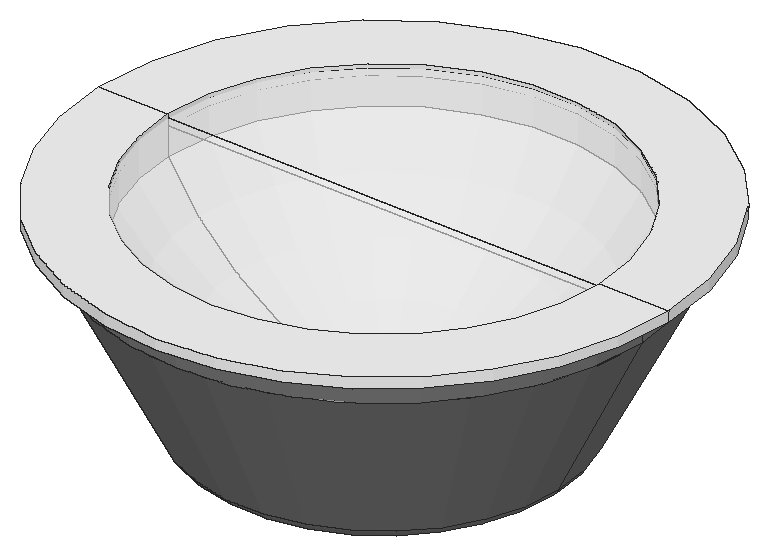
Revit family "0030301", category Lighting Fixtures, host Face, Revit 2016
Family settings
  Host = Face
  Part Type = Normal
  Round Connector Dimension = Use Diameter
  OmniClass Number = 23.80.70.00
  OmniClass Title = Lighting
  Cut with Voids When Loaded = No
  Light Source = Yes
  Shared = No
  Room Calculation Point = No
Parameters (values of type "0030301 Insaver Slim UGR19 IP44 150 1075lm 840")
  WidthBezel_SYL = if(Size1_SYL, 20 mm, if(Size2_SYL, 20 mm, if(Size3PIR_SYL, 30 mm, if(Size4_SYL, 20 mm, 20 mm))))  # 20 mm
  Weight = "5.52 kg"
  Wattage Comments = ""
  Wattage = 9 W
  WarrantyStartDate [instance] = "n/a"
  WarrantyGuarantorParts = "n/a"
  WarrantyDurationUnit = "n/a"
  WarrantyDurationParts = "n/a"
  WarrantyDescription = "n/a"
  built-in parameter 1150110 = 1 (stored number, unit not read)
  Voltage = 230 V
  VisibilityPIR_SYL = Size3PIR_SYL  # no
  URL = "http://www.sylvania-lighting.com"
  TypeName = "Insaver Slim UGR19 IP44 150 1075lm 840"
  Type Image = <None>
  Type Comments = "n/a"
  built-in parameter 1114217 = 1 (stored number, unit not read)
  Tilt Angle = -90.00°
  built-in parameter 1150109 = 1 (stored number, unit not read)
  built-in parameter 1150134 = 12
  built-in parameter 1150113 = 1 (stored number, unit not read)
  Size4_SYL = no
  Size3PIR_SYL = no
  Size2_SYL = no
  Size1_SYL = yes
  SerialNumber [instance] = "n/a"
  RadiusTop_SYL = 6 mm
  RadiusReflector_SYL = if(Size1_SYL, 85 mm, if(Size2_SYL, 85 mm, if(Size3PIR_SYL, 85 mm, if(Size4_SYL, 100 mm, 120 mm))))  # 85 mm
  Photometric Web File = "0030301.ies"
  Material_3_FEILO = Top-Sylvania-STARTDownlight
  PowerFactor = 0.9
  PowerConsumption = "9 W"
  NominalLength = 165 mm
  NominalHeight = 50 mm
  NominalDepth = 165 mm
  Name = "Insaver Slim UGR19 IP44 150 1075lm 840"
  ModelReference = Name  # "Insaver Slim UGR19 IP44 150 1075lm 840"
  ModelNumber = "0030301"
  Model = Name  # "Insaver Slim UGR19 IP44 150 1075lm 840"
  Material = "aluminium housing, na diffuser"
  ManufacturerName = "Feilo Sylvania"
  Manufacturer = "Feilo Sylvania"
  LuminousEfficacy = "119 lm/W"
  built-in parameter 1150105 = 85.227 (stored number, unit not read)
  Lumens = 1071 lm
  LuminaireType = ""
  built-in parameter 1150115 = 1 (stored number, unit not read)
  LightOutputRatio = "n/a"
  built-in parameter 1150137 = (empty or 0)
  built-in parameter 1150139 = (empty or 0)
  LampsType = Lamp  # "LED"
  LampNominalLuminous = "1075 lm"
  LampMacAdamStep = "5"
  LampColourTemperature = "4000 K"
  LampColourRenderingIndex = "80"
  built-in parameter 1150112 = 1 (stored number, unit not read)
  built-in parameter 1150114 = 1 (stored number, unit not read)
  Lamp = "LED"
  Keynote = "16500"
  InstallationDate [instance] = "n/a"
  InputVoltage = "AC 220-240 V"
  InputNominalFrequency = "50/60 Hz"
  built-in parameter 1150132 = (empty or 0)
  built-in parameter 1150102 = (empty or 0)
  built-in parameter 1150107 = 4000 (stored number, unit not read)
  built-in parameter 1150138 = (empty or 0)
  IngressProtection = "IP40/20"
  ImpactProtectionIndex = "IK07"
  built-in parameter 1150106 = 0.85227 (stored number, unit not read)
  IfcExportType = "IfcLightFixtureType"
  IfcExportAs = "IfcLightFixtureType"
  Height_SYL = if(Size1_SYL, 61 mm, if(Size2_SYL, 61 mm, if(Size3PIR_SYL, 61 mm, if(Size4_SYL, 61 mm, 60 mm))))  # 61 mm
  HeightBezel_SYL = if(Size1_SYL, 3 mm, if(Size2_SYL, 3 mm, if(Size3PIR_SYL, 3 mm, if(Size4_SYL, 3.2 mm, 3 mm))))  # 3 mm
  ExpectedLife = 50000
  Emit from Circle Diameter = Diameter_SYL - 40 mm  # 125 mm
  Emit Shape Visible in Rendering = no
  ElectricShockClassification = "Class II"
  built-in parameter 1150104 = 11.055 (stored number, unit not read)
  DurationUnit = "hours"
  DocumentationLiterature = "http://www.sylvania-lighting.com/product/en-int/products/0030301"
  DimmingControlOptions = "n/a"
  Material_2_FEILO = Diffuser-Sylvania-STARTDownlight
  Dimming Lamp Color Temperature Shift = <None>
  Diameter_SYL = if(Size1_SYL, 165 mm, if(Size2_SYL, 190 mm, if(Size3PIR_SYL, 211 mm, if(Size4_SYL, 220 mm, 240 mm))))  # 165 mm
  DiameterTop_SYL = if(Size1_SYL, 98 mm, if(Size2_SYL, 122 mm, if(Size3PIR_SYL, 120 mm, if(Size4_SYL, 135 mm, 158 mm))))  # 98 mm
  DiameterTopBase_SYL = DiameterRecess_SYL  # 150 mm
  DiameterRecess_SYL = if(Size1_SYL, 150 mm, if(Size2_SYL, 170 mm, if(Size3PIR_SYL, 186 mm, if(Size4_SYL, 200 mm, 225 mm))))  # 150 mm
  Description = ""
  Default Elevation = 1219.2 mm
  CreatedOn = "3/18/2019"
  CreatedBy = "@sylvania-lighting.com"
  Cost = 0
  Color Filter = 16777215
  built-in parameter 1114216 [instance] = (empty or 0)
  ClassificationValue = "EF_70_80"
  ClassificationName = "Uniclass2015"
  Material_1_FEILO = Trim-Sylvania-STARTDownlight-White
  BarCode [instance] = "n/a"
  built-in parameter 1114218 = 1 (stored number, unit not read)
  built-in parameter 1150133 = 10 (stored number, unit not read)
  AssetType = "Fixed"
  AssetIdentifier [instance] = "n/a"
  Assembly Code = "D5020200"
  Apparent Load = 9 VA
  Material_4_FEILO = LED-Sylvania-STARTDownlight
Types (2, lengths in mm): name | Wattage | Photometric Web File | PowerConsumption | LuminousEfficacy | built-in parameter 1150105 | Lumens | LampNominalLuminous | built-in parameter 1150106 | built-in parameter 1150104 | Apparent Load
  0030301 Insaver Slim UGR19 IP44 150 1075lm 840 | 9 W | "0030301.ies" | "9 W" | "119 lm/W" | 85.227 (stored number, unit not read) | 1071 lm | "1075 lm" | 0.85227 (stored number, unit not read) | 11.055 (stored number, unit not read) | 9 VA
  0030301 Insaver Slim UGR19 IP44 150 1075lm 840 Emergency mode | 12 W | "0030301EM.ies" | "12 W" | "37.2 lm/W" | 35.523 (stored number, unit not read) | 446.4 lm | "446 lm" | 0.35523 (stored number, unit not read) | 3.456 (stored number, unit not read) | 12 VA
Reference planes
  plane 1 "Center (Front/Back)": y = 0
  plane 2: z = 0
  plane 3 "Center (Left/Right)": x = 0
  plane 4: x = 82.5
  plane 5: x = -82.5
  plane 6: z = 3
  plane 7: z = -8
  plane 8: z = -58
  plane 9: x = -75
  plane 10: x = 75
  plane 11: x = -49
  plane 12: x = 49
  plane 13: z = -85
  plane 14: x = -62.5
  plane 15: z = 2
  plane 16: z = -46
  plane 17: x = -16
  plane 18: x = -67.5
  plane 19: x = -81.5
  plane 20: x = -99.5
  plane 21: x = -76.5
  plane 22: z = 5.5
  plane 23: z = 8.7
  plane 24: x = -75.5
  plane 25: z = 13.7
Forms (mm)
  Revolve 1, void
    sketch origin (0, 0, 0) x (1, 0, 0) y (0, 0, 1)
      loop
        line (0, 0) -> (-75, 0) -> (-75, -85) -> (0, -85) -> (0, 0)
      axis (0, 0) -> (0, -85)
    angle from 360 to 0
  Revolve 2, solid, material "Trim-Sylvania-STARTDownlight-White" <- "Material_1_FEILO"
    sketch origin (0, 0, 0) x (1, 0, 0) y (0, 0, 1)
      loop
        line (-62.5, 3) -> (-82.5, 3) -> (-82.5, 0) -> (-75, 0) -> (-75, -8) -> (-50.681, -54.768)
        arc (-50.681, -54.768) -> (-48.471, -57.129) -> (-45.357, -58) r 6
        line (-45.357, -58) -> (0, -58) -> (0, -46) -> (-16, -46)
        arc (-16, -46) -> (-42.718, -31.243) -> (-62.5, -8) r 85
        line (-62.5, -8) -> (-62.5, 3)
      axis (0, 3) -> (0, -58)
    angle from 360 to 0
  Revolve 3, solid, material "Diffuser-Sylvania-STARTDownlight" <- "Material_2_FEILO"
    sketch origin (0, 0, 0) x (1, 0, 0) y (0, 0, 1)
      loop
        line (-62.5, 0) -> (0, 0) -> (0, 2) -> (-62.5, 2) -> (-62.5, 0)
      axis (0, 2) -> (0, 0)
    angle from 360 to 0
  Revolve 4, solid, material "Trim-Sylvania-STARTDownlight-White" <- "Material_1_FEILO", visible <- "VisibilityPIR_SYL"
    sketch origin (0, 0, 0) x (1, 0, 0) y (0, 0, 1)
      loop
        line (-67.5, 3) -> (-67.5, 13.7)
        arc (-67.5, 13.7) -> (-72.217, 12.347) -> (-75.5, 8.7) r 8.9
        line (-75.5, 8.7) -> (-75.5, 5.5) -> (-76.5, 5.5) -> (-76.5, 3) -> (-67.5, 3)
      axis (-67.5, 13.7) -> (-67.5, 3)
    angle from 360 to 0
Dimensions and locks
  equal spacing: plane 4, plane 3 "Center (Left/Right)", plane 5
  "Diameter_SYL": plane 4 to plane 5
  equal spacing: plane 10, plane 3 "Center (Left/Right)", plane 9
  equal spacing: plane 12, plane 3 "Center (Left/Right)", plane 11
  "DiameterTop_SYL": plane 12 to plane 11
  "HeightBezel_SYL": plane 6 to plane 2
  "Height_SYL": plane 6 to plane 8
  locked: plane 2 to plane 7 at 8
  locked: plane 2 to plane 13 at 85
  "WidthBezel_SYL": plane 14 to plane 5
  locked: plane 6 to plane 15 at 1
  "DiameterRecess_SYL": plane 10 to plane 9
  locked: plane 3 "Center (Left/Right)" to plane 17 at 16
  locked: plane 16 to plane 8 at 12
  locked: plane 18 to plane 21 at 9
  locked: plane 22 to plane 6 at 2.5
  locked: plane 23 to plane 22 at 3.2
  locked: plane 18 to plane 24 at 8
  locked: plane 25 to plane 23 at 5
  locked: plane 25 to Revolve 4 sketch curve at 8.9
  locked: plane 18 to plane 5 at 15
  "RadiusReflector_SYL": radius of Revolve 2 sketch curve
  "RadiusTop_SYL": radius of Revolve 2 sketch curve
  aligned and locked: plane 2 to host face
  aligned and locked: level to host face
  aligned and locked: Revolve 1 sketch curve to plane 3 "Center (Left/Right)"
  aligned and locked: plane 3 "Center (Left/Right)" to Revolve 1 sketch curve
  aligned and locked: Revolve 1 sketch curve to plane 9
  aligned and locked: plane 13 to Revolve 1 sketch curve
  aligned and locked: plane 3 "Center (Left/Right)" to imposter light
  aligned and locked: imposter light to plane 15
  aligned and locked: imposter light to plane 1 "Center (Front/Back)"
  aligned and locked: Revolve 2 sketch curve to plane 3 "Center (Left/Right)"
  aligned and locked: Revolve 2 sketch curve to plane 6
  aligned and locked: Revolve 2 sketch curve to plane 5
  aligned and locked: Revolve 2 sketch curve to level
  aligned and locked: plane 7 to Revolve 2 sketch curve  (x2)
  aligned and locked: Revolve 2 sketch curve to plane 9
  aligned and locked: plane 8 to Revolve 2 sketch curve
  aligned and locked: Revolve 2 sketch curve to plane 14
  aligned and locked: plane 3 "Center (Left/Right)" to Revolve 2 sketch curve
  aligned and locked: Revolve 2 sketch curve to plane 16
  aligned and locked: Revolve 3 sketch curve to plane 3 "Center (Left/Right)"
  aligned and locked: Revolve 3 sketch curve to level
  aligned and locked: imposter light to Revolve 3 sketch curve  (x2)
  aligned and locked: Revolve 4 sketch curve to plane 18  (x2)
  aligned and locked: Revolve 4 sketch curve to plane 6
  aligned and locked: plane 22 to Revolve 4 sketch curve
  aligned and locked: plane 24 to Revolve 4 sketch curve
  aligned and locked: Revolve 4 sketch curve to Revolve 4 sketch curve
  aligned and locked: plane 21 to Revolve 4 sketch curve
Automatic sketch dimensions
  host sketch curve to host sketch curve = 2438.4 mm  (x2)
  plane 13 to Revolve 1 sketch curve = 524.6 mm
  Revolve 1 sketch curve to plane 6 = 2606.058 mm
  Revolve 1 sketch curve to level = 0 mm
  Revolve 2 sketch curve to plane 17 = 0 mm
  Revolve 2 sketch curve to plane 11 = 1.681 mm
  plane 11 to Revolve 2 sketch curve = 3.643 mm
  plane 13 to Revolve 2 sketch curve = 524.6 mm
  Revolve 2 sketch curve to Revolve 2 sketch curve = 2577.983 mm
  Revolve 3 sketch curve to plane 14 = 0 mm
  plane 13 to Revolve 3 sketch curve = 524.6 mm
  Revolve 3 sketch curve to plane 6 = 2606.058 mm
  Revolve 4 sketch curve to plane 23 = 0 mm
  plane 13 to Revolve 4 sketch curve = 524.6 mm
  Revolve 4 sketch curve to Revolve 4 sketch curve = 2595.358 mm
Connectors
  electrical at (0, 0, 0), driven by "Apparent Load", driven by "PowerFactor", driven by "Voltage"
    settings: index 1, voltage 230 V, apparent load 9 VA, apparent load phase1 0 VA, apparent load phase2 0 VA, apparent load phase3 0 VA, power factor 0.9, load classification "Lighting", number of poles 1, system type 30, power factor state 1, is connector primary yes, connector utility no, sub classification motor no, connector description ""
